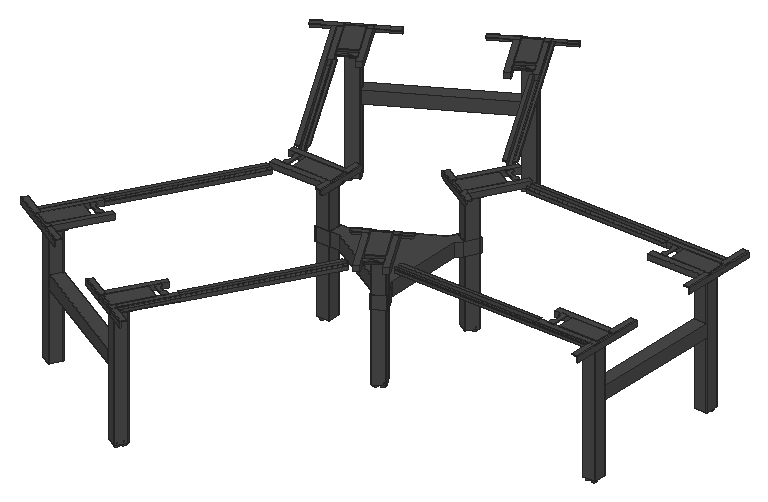
Revit family "Support-Teknion-HWBFYT_hiSpace_120_Frame-R2020", category Furniture, Revit 2020
Family settings
  OmniClass Number = 23.40.20.00
  OmniClass Title = General Furniture and Specialties
  Work Plane-Based = No
  Always vertical = Yes
  Cut with Voids When Loaded = No
  Shared = Yes
  Room Calculation Point = No
Parameters (values of type "Fixed Height (29"), No Switch")
  Width [instance] = 58.000"
  Warranty = "http://www.teknion.com/ca/papers/legal-canada"
  Unit Weight URL = "http://www.teknion.com/ca/tools/assets#&asset=bee6a381-b954-425e-8283-5a2de3a804f2,f828d448-4b62-4231-9e5f-9a8991c0ed77"
  URL = "www.teknion.com"
  Toggle/Switch Distance [instance] = if(Depth = 48.000", if([Display with Up/Down Memory], 2.796", 2.346"), if([Display with Up/Down Memory], 6.820", 6.380"))  # 6.380"
  Toggle Display with Memory = no
  To render please download texture images found here [instance] = "https://assets.teknion.com/web/5e81352c1dfdb467/revit-material-swatches/"
  Switch Option = ""
  Sustainability Data = "https://www.teknion.com/ca/tools/assets#&topic=216f99a5-57a0-44fc-b10a-9dee9b29ae4c&asset=444deb64-fe58-4b68-981e-f75e97781df7,b4ff2d81-9f2e-437d-9659-7cffb09c31cf"
  Series = "Height-Adjustable Bench hiSpace"  # constant formula
  Product Page URL = "https://www.teknion.com/ca/products/product-details?productLineId=e4ad706f-8e7a-673b-a6c8-ff05004460c4"
  Product Line = "hiSpace 120 Bench"  # constant formula
  Product Documentation Link = "https://www.teknion.com/pricing/habh/pdfs/HWBFYT_ppg.pdf"
  Part Number = "HWBFYT"  # constant formula
  None = yes
  Model = "HWBFYT2F____N"
  Manufacturer Phone = "416-661-3370"  # constant formula
  Manufacturer Fax = "416.661.4586"  # constant formula
  Manufacturer Contact Information = "http://www.teknion.com/ca/contactus"
  Manufacturer Address = "1150 Flint Road, Toronto, ON. M3J 2J5. Canada"  # constant formula
  Manufacturer = "Teknion"  # constant formula
  How To Use Teknion Materials User Guide [instance] = "https://assets.teknion.com/m/205dd0a49fa58060/original/How-to-add-a-Material-Library-and-Texture-Images-to-your-Revit-project.pdf"
  Height [instance] = 29.000"
  Frame Finish [instance] = Paint - Teknion - 52 - Ebony
  For Additional Finishes please visit [instance] = "https://assets.teknion.com/m/44a8009b046e5d47/original/Teknion_Materials_Library.zip"
  Fixed Height (29") = yes
  Extended Electric - Extended (22.6"-48.7") = no
  Electrical = or([Display with Up/Down Memory], Toggle Display with Memory)  # no
  Distance for Electrical [instance] = if(Width = 46.000", 3.668", if(Width = 52.000", 6.668", if(Width = 58.000", 9.668", 3.668")))  # 9.668"
  Display with Up/Down Memory = no
  Description = "hiSpace 120 Frame - Fixed Height (29\") Base Mechanism, No Switch"
  Depth [instance] = 60.000"
  Default Elevation = 0.000"
  Base Mechanism Option = ""
  Available Width [instance] = "46, 52 & 58 Inches"  # constant formula
  Available Height [instance] = if([Fixed Height (29")], "29 inches only", "22.6-48.7 inches")  # "29 inches only"
  Available Depth [instance] = "48 & 60 Inches"  # constant formula
  Assembly Code = "E2020200"
  Acutal Height [instance] = Height - 1.000"  # 28.000"
  Actual Width [instance] = Width - 15.091"  # 42.909"
  Actual Depth [instance] = if(Depth = 48.000", 41.811", if(Depth = 60.000", 45.748", 41.811"))  # 45.748"
Reference planes (in)
  plane 1 "Center Front/Back": y = 0
  plane 2: z = 0
  plane 3 "Center 1": through (-9.55681, 16.55289, 0) normal (0.866, 0.5, 0)
  plane 4 "Center 2": through (15.68835, 27.17303, 48) normal (0.866, -0.5, 0)
  plane 5 "Right": x = 58.03399
  plane 6: through (-61.44613, 31.53594, 48) normal (-0.5, 0.866, 0)
  plane 7: through (-61.44613, -31.53594, 48) normal (0.5, 0.866, 0)
  plane 8 "Top": z = 28
  plane 9: y = -22.874
  plane 10: y = -29.254
  plane 11: y = 22.874
  plane 12: through (-48.82668, 38.8223, 48) normal (0.866, 0.5, 0)
  plane 13: through (-9.20775, 61.6963, 48) normal (0.866, 0.5, 0)
  plane 14: through (-3.68266, 64.88623, 48) normal (0.866, 0.5, 0)
  plane 15: through (-48.82669, -38.8223, 48) normal (-0.866, 0.5, 0)
  plane 16: through (-9.20776, -61.6963, 48) normal (-0.866, 0.5, 0)
  plane 17: through (-54.35179, -35.6324, 48) normal (-0.866, 0.5, 0)
  plane 18: x = 15.12499
  plane 19: through (-28.08875, 1.24779, 48) normal (-0.5, 0.866, 0)
  plane 20: through (-28.08875, -1.24779, 48) normal (0.5, 0.866, 0)
  plane 21: y = -15.63975
  plane 22: y = 15.63975
  plane 23: through (-14.35298, -56.13959, 48) normal (-0.866, 0.5, 0)
  plane 24: through (-41.44182, -40.49984, 48) normal (-0.866, 0.5, 0)
  plane 25: through (-41.44182, 40.49984, 48) normal (0.866, 0.5, 0)
  plane 26: through (-14.35298, 56.13959, 48) normal (0.866, 0.5, 0)
  plane 27: z = 19.15
  plane 28: z = 25.75591
  plane 29: z = 22.45295
Forms (in)
  Sweep 1, solid, material "Paint - Teknion - 52 - Ebony" <- "Frame Finish"
    path origin (0, 0, 0) x (1, 0, 0) y (0, 0, 1)
      loop
        line (15.12499, 0.3938) -> (15.12499, 0)
    profile origin (15.12499, 0, 0.1969) x (0, -1, 0) y (1, 0, 0)
      loop
        circle (12.92669, -8.4005) r 0.492
      loop
        circle (12.28692, -7.2924) r 0.49212
      loop
        circle (-12.92669, -8.4005) r 0.492
      loop
        circle (-12.28692, -7.2924) r 0.49212
      loop
        circle (-0.63976, -29.68208) r 0.49212
      loop
        circle (0.63976, -29.68208) r 0.49212
      loop
        circle (55.0311, -28.83799) r 0.49212
      loop
        circle (56.1392, -29.47775) r 0.49212
      loop
        circle (39.39135, -55.92682) r 0.49212
      loop
        circle (40.49945, -56.56659) r 0.49212
      loop
        circle (-15.63975, 39.38984) r 0.49212
      loop
        circle (-15.63975, 40.66936) r 0.49212
      loop
        circle (15.63975, 39.38984) r 0.49212
      loop
        circle (15.63975, 40.66936) r 0.49212
      loop
        circle (-40.49946, -56.56659) r 0.49212
      loop
        circle (-39.39135, -55.92682) r 0.49212
      loop
        circle (-56.1392, -29.47775) r 0.49212
      loop
        circle (-55.0311, -28.83799) r 0.49212
  Sweep 2, solid, material "Paint - Teknion - 52 - Ebony" <- "Frame Finish"
    path origin (0, 0, 0) x (1, 0, 0) y (0, 0, 1)
      loop
        line (7.83259, 2.51968) -> (7.83259, 0.3938)
    profile origin (7.83259, 0, 1.45674) x (0, -1, 0) y (1, 0, 0)
      loop
        circle (12.28692, 0) r 0.11811
      loop
        circle (12.92669, -1.1081) r 0.11811
      loop
        circle (-12.92669, -1.1081) r 0.11811
      loop
        circle (-12.28692, 0) r 0.11811
      loop
        circle (-0.63976, -22.38968) r 0.11811
      loop
        circle (0.63976, -22.38968) r 0.11811
      loop
        circle (-15.63975, 47.96176) r 0.11811
      loop
        circle (-15.63975, 46.68223) r 0.11811
      loop
        circle (15.63975, 47.96176) r 0.11811
      loop
        circle (15.63975, 46.68223) r 0.11811
      loop
        circle (-40.49946, -49.27419) r 0.11811
      loop
        circle (-39.39135, -48.63443) r 0.11811
      loop
        circle (-56.1392, -22.18535) r 0.11811
      loop
        circle (-55.0311, -21.54559) r 0.11811
      loop
        circle (56.1392, -22.18536) r 0.11811
      loop
        circle (55.0311, -21.54559) r 0.11811
      loop
        circle (40.49945, -49.27419) r 0.11811
      loop
        circle (39.39135, -48.63443) r 0.11811
  Sweep 3, solid, material "Paint - Teknion - 52 - Ebony" <- "Frame Finish", visible <- "Extended Electric - Extended (22.6"-48.7")"
    path origin (0, 0, 0) x (1, 0, 0) y (0, 0, 1)
      loop
        line (15.12499, 19.15) -> (15.12499, 0.60669)
    profile origin (15.12499, 0, 9.87834) x (0, -1, 0) y (1, 0, 0)
      loop
        arc (12.61881, -6.43024) -> (12.53514, -6.36603) -> (12.43058, -6.3798) r 0.1378
        line (12.43058, -6.3798) -> (10.31666, -7.60027)
        arc (10.31666, -7.60027) -> (10.25246, -7.68394) -> (10.26622, -7.7885) r 0.1378
        line (10.26622, -7.7885) -> (11.4867, -9.90242)
        arc (11.4867, -9.90242) -> (11.57037, -9.96663) -> (11.67493, -9.95286) r 0.1378
        line (11.67493, -9.95286) -> (13.78885, -8.73239)
        arc (13.78885, -8.73239) -> (13.85305, -8.64872) -> (13.83929, -8.54416) r 0.1378
        line (13.83929, -8.54416) -> (12.61881, -6.43024)
      loop
        arc (-10.26622, -7.7885) -> (-10.25246, -7.68394) -> (-10.31666, -7.60027) r 0.1378
        line (-10.31666, -7.60027) -> (-12.43058, -6.3798)
        arc (-12.43058, -6.3798) -> (-12.53514, -6.36603) -> (-12.61881, -6.43024) r 0.1378
        line (-12.61881, -6.43024) -> (-13.83929, -8.54416)
        arc (-13.83929, -8.54416) -> (-13.85305, -8.64872) -> (-13.78885, -8.73239) r 0.1378
        line (-13.78885, -8.73239) -> (-11.67493, -9.95286)
        arc (-11.67493, -9.95286) -> (-11.57037, -9.96663) -> (-11.4867, -9.90242) r 0.1378
        line (-11.4867, -9.90242) -> (-10.26622, -7.7885)
      loop
        arc (-1.22047, -27.68405) -> (-1.31791, -27.72441) -> (-1.35827, -27.82184) r 0.1378
        line (-1.35827, -27.82184) -> (-1.35827, -30.26279)
        arc (-1.35827, -30.26279) -> (-1.31791, -30.36022) -> (-1.22047, -30.40058) r 0.1378
        line (-1.22047, -30.40058) -> (1.22047, -30.40058)
        arc (1.22047, -30.40058) -> (1.31791, -30.36022) -> (1.35827, -30.26279) r 0.1378
        line (1.35827, -30.26279) -> (1.35827, -27.82184)
        arc (1.35827, -27.82184) -> (1.31791, -27.72441) -> (1.22047, -27.68405) r 0.1378
        line (1.22047, -27.68405) -> (-1.22047, -27.68405)
      loop
        arc (57.05219, -29.33432) -> (57.06595, -29.22976) -> (57.00175, -29.14609) r 0.1378
        line (57.00175, -29.14609) -> (54.88783, -27.92561)
        arc (54.88783, -27.92561) -> (54.78327, -27.91185) -> (54.6996, -27.97605) r 0.1378
        line (54.6996, -27.97605) -> (53.47913, -30.08997)
        arc (53.47913, -30.08997) -> (53.46536, -30.19453) -> (53.52956, -30.2782) r 0.1378
        line (53.52956, -30.2782) -> (55.64348, -31.49867)
        arc (55.64348, -31.49867) -> (55.74804, -31.51244) -> (55.83171, -31.44824) r 0.1378
        line (55.83171, -31.44824) -> (57.05219, -29.33432)
      loop
        arc (39.88785, -53.90635) -> (39.78329, -53.89258) -> (39.69962, -53.95678) r 0.1378
        line (39.69962, -53.95678) -> (38.47914, -56.0707)
        arc (38.47914, -56.0707) -> (38.46538, -56.17527) -> (38.52958, -56.25894) r 0.1378
        line (38.52958, -56.25894) -> (40.6435, -57.47941)
        arc (40.6435, -57.47941) -> (40.74806, -57.49317) -> (40.83173, -57.42897) r 0.1378
        line (40.83173, -57.42897) -> (42.0522, -55.31505)
        arc (42.0522, -55.31505) -> (42.06597, -55.21049) -> (42.00177, -55.12682) r 0.1378
        line (42.00177, -55.12682) -> (39.88785, -53.90635)
      loop
        arc (13.77951, 41.38832) -> (13.68207, 41.34796) -> (13.64172, 41.25052) r 0.1378
        line (13.64172, 41.25052) -> (13.64172, 38.80958)
        arc (13.64172, 38.80958) -> (13.68207, 38.71214) -> (13.77951, 38.67178) r 0.1378
        line (13.77951, 38.67178) -> (16.22046, 38.67178)
        arc (16.22046, 38.67178) -> (16.31789, 38.71214) -> (16.35825, 38.80958) r 0.1378
        line (16.35825, 38.80958) -> (16.35825, 41.25052)
        arc (16.35825, 41.25052) -> (16.31789, 41.34796) -> (16.22046, 41.38832) r 0.1378
        line (16.22046, 41.38832) -> (13.77951, 41.38832)
      loop
        arc (-13.64172, 41.25052) -> (-13.68207, 41.34796) -> (-13.77951, 41.38832) r 0.1378
        line (-13.77951, 41.38832) -> (-16.22046, 41.38832)
        arc (-16.22046, 41.38832) -> (-16.31789, 41.34796) -> (-16.35825, 41.25052) r 0.1378
        line (-16.35825, 41.25052) -> (-16.35825, 38.80958)
        arc (-16.35825, 38.80958) -> (-16.31789, 38.71214) -> (-16.22046, 38.67178) r 0.1378
        line (-16.22046, 38.67178) -> (-13.77951, 38.67178)
        arc (-13.77951, 38.67178) -> (-13.68207, 38.71214) -> (-13.64172, 38.80958) r 0.1378
        line (-13.64172, 38.80958) -> (-13.64172, 41.25052)
      loop
        arc (-39.69962, -53.95678) -> (-39.78329, -53.89258) -> (-39.88785, -53.90635) r 0.1378
        line (-39.88785, -53.90635) -> (-42.00177, -55.12682)
        arc (-42.00177, -55.12682) -> (-42.06597, -55.21049) -> (-42.0522, -55.31505) r 0.1378
        line (-42.0522, -55.31505) -> (-40.83173, -57.42897)
        arc (-40.83173, -57.42897) -> (-40.74806, -57.49317) -> (-40.6435, -57.47941) r 0.1378
        line (-40.6435, -57.47941) -> (-38.52958, -56.25894)
        arc (-38.52958, -56.25894) -> (-38.46538, -56.17527) -> (-38.47914, -56.0707) r 0.1378
        line (-38.47914, -56.0707) -> (-39.69962, -53.95678)
      loop
        arc (-53.52956, -30.2782) -> (-53.46536, -30.19453) -> (-53.47913, -30.08997) r 0.1378
        line (-53.47913, -30.08997) -> (-54.6996, -27.97605)
        arc (-54.6996, -27.97605) -> (-54.78327, -27.91185) -> (-54.88783, -27.92561) r 0.1378
        line (-54.88783, -27.92561) -> (-57.00175, -29.14609)
        arc (-57.00175, -29.14609) -> (-57.06595, -29.22976) -> (-57.05219, -29.33432) r 0.1378
        line (-57.05219, -29.33432) -> (-55.83171, -31.44824)
        arc (-55.83171, -31.44824) -> (-55.74804, -31.51244) -> (-55.64348, -31.49867) r 0.1378
        line (-55.64348, -31.49867) -> (-53.52956, -30.2782)
  Sweep 4, solid, material "Paint - Teknion - 52 - Ebony" <- "Frame Finish", visible <- "Extended Electric - Extended (22.6"-48.7")"
    path origin (0, 0, 0) x (1, 0, 0) y (0, 0, 1)
      loop
        line (15.12499, 22.45295) -> (15.12499, 19.15)
    profile origin (15.12499, 0, 20.80147) x (0, -1, 0) y (1, 0, 0)
      loop
        arc (54.92146, -28.1587) -> (54.84678, -28.14886) -> (54.78701, -28.19472) r 0.09843
        line (54.78701, -28.19472) -> (53.71418, -30.05293)
        arc (53.71418, -30.05293) -> (53.70435, -30.12761) -> (53.7502, -30.18738) r 0.09843
        line (53.7502, -30.18738) -> (55.60841, -31.26021)
        arc (55.60841, -31.26021) -> (55.6831, -31.27005) -> (55.74286, -31.22419) r 0.09843
        line (55.74286, -31.22419) -> (56.81569, -29.36598)
        arc (56.81569, -29.36598) -> (56.82553, -29.2913) -> (56.77967, -29.23153) r 0.09843
        line (56.77967, -29.23153) -> (54.92146, -28.1587)
      loop
        arc (39.92148, -54.13943) -> (39.84679, -54.1296) -> (39.78703, -54.17546) r 0.09843
        line (39.78703, -54.17546) -> (38.7142, -56.03366)
        arc (38.7142, -56.03366) -> (38.70436, -56.10835) -> (38.75022, -56.16811) r 0.09843
        line (38.75022, -56.16811) -> (40.60843, -57.24095)
        arc (40.60843, -57.24095) -> (40.68311, -57.25078) -> (40.74288, -57.20492) r 0.09843
        line (40.74288, -57.20492) -> (41.81571, -55.34672)
        arc (41.81571, -55.34672) -> (41.82554, -55.27203) -> (41.77969, -55.21226) r 0.09843
        line (41.77969, -55.21226) -> (39.92148, -54.13943)
      loop
        arc (12.53337, -6.65232) -> (12.4736, -6.60646) -> (12.39892, -6.61629) r 0.09843
        line (12.39892, -6.61629) -> (10.54071, -7.68913)
        arc (10.54071, -7.68913) -> (10.49485, -7.74889) -> (10.50469, -7.82358) r 0.09843
        line (10.50469, -7.82358) -> (11.57752, -9.68178)
        arc (11.57752, -9.68178) -> (11.63729, -9.72764) -> (11.71197, -9.71781) r 0.09843
        line (11.71197, -9.71781) -> (13.57018, -8.64497)
        arc (13.57018, -8.64497) -> (13.61603, -8.58521) -> (13.6062, -8.51052) r 0.09843
        line (13.6062, -8.51052) -> (12.53337, -6.65232)
      loop
        arc (1.16929, -27.97145) -> (1.14046, -27.90185) -> (1.07087, -27.87302) r 0.09843
        line (1.07087, -27.87302) -> (-1.0748, -27.87302)
        arc (-1.0748, -27.87302) -> (-1.1444, -27.90185) -> (-1.17323, -27.97145) r 0.09843
        line (-1.17323, -27.97145) -> (-1.17323, -30.11712)
        arc (-1.17323, -30.11712) -> (-1.1444, -30.18671) -> (-1.0748, -30.21554) r 0.09843
        line (-1.0748, -30.21554) -> (1.07087, -30.21554)
        arc (1.07087, -30.21554) -> (1.14046, -30.18671) -> (1.16929, -30.11712) r 0.09843
        line (1.16929, -30.11712) -> (1.16929, -27.97145)
      loop
        arc (-12.39695, -6.61288) -> (-12.47163, -6.60305) -> (-12.5314, -6.64891) r 0.09843
        line (-12.5314, -6.64891) -> (-13.60423, -8.50711)
        arc (-13.60423, -8.50711) -> (-13.61407, -8.5818) -> (-13.56821, -8.64156) r 0.09843
        line (-13.56821, -8.64156) -> (-11.71, -9.7144)
        arc (-11.71, -9.7144) -> (-11.63532, -9.72423) -> (-11.57555, -9.67837) r 0.09843
        line (-11.57555, -9.67837) -> (-10.50272, -7.82017)
        arc (-10.50272, -7.82017) -> (-10.49288, -7.74548) -> (-10.53874, -7.68572) r 0.09843
        line (-10.53874, -7.68572) -> (-12.39695, -6.61288)
      loop
        arc (13.92518, 41.19934) -> (13.85558, 41.17051) -> (13.82675, 41.10091) r 0.09843
        line (13.82675, 41.10091) -> (13.82675, 38.95525)
        arc (13.82675, 38.95525) -> (13.85558, 38.88565) -> (13.92518, 38.85682) r 0.09843
        line (13.92518, 38.85682) -> (16.07085, 38.85682)
        arc (16.07085, 38.85682) -> (16.14045, 38.88565) -> (16.16927, 38.95525) r 0.09843
        line (16.16927, 38.95525) -> (16.16927, 41.10091)
        arc (16.16927, 41.10091) -> (16.14045, 41.17051) -> (16.07085, 41.19934) r 0.09843
        line (16.07085, 41.19934) -> (13.92518, 41.19934)
      loop
        line (-13.92518, 41.20328) -> (-16.07479, 41.20328)
        arc (-16.07479, 41.20328) -> (-16.14438, 41.17445) -> (-16.17321, 41.10485) r 0.09843
        line (-16.17321, 41.10485) -> (-16.17321, 38.95525)
        arc (-16.17321, 38.95525) -> (-16.14438, 38.88565) -> (-16.07479, 38.85682) r 0.09843
        line (-16.07479, 38.85682) -> (-13.92518, 38.85682)
        arc (-13.92518, 38.85682) -> (-13.85558, 38.88565) -> (-13.82675, 38.95525) r 0.09843
        line (-13.82675, 38.95525) -> (-13.82675, 41.10485)
        arc (-13.82675, 41.10485) -> (-13.85558, 41.17445) -> (-13.92518, 41.20328) r 0.09843
      loop
        arc (-39.78506, -54.17887) -> (-39.84483, -54.13301) -> (-39.91951, -54.14284) r 0.09843
        line (-39.91951, -54.14284) -> (-41.77772, -55.21567)
        arc (-41.77772, -55.21567) -> (-41.82358, -55.27544) -> (-41.81374, -55.35013) r 0.09843
        line (-41.81374, -55.35013) -> (-40.74091, -57.20833)
        arc (-40.74091, -57.20833) -> (-40.68114, -57.25419) -> (-40.60646, -57.24436) r 0.09843
        line (-40.60646, -57.24436) -> (-38.74825, -56.17152)
        arc (-38.74825, -56.17152) -> (-38.70239, -56.11176) -> (-38.71223, -56.03707) r 0.09843
        line (-38.71223, -56.03707) -> (-39.78506, -54.17887)
      loop
        arc (-54.78504, -28.19813) -> (-54.84481, -28.15227) -> (-54.9195, -28.16211) r 0.09843
        line (-54.9195, -28.16211) -> (-56.7777, -29.23494)
        arc (-56.7777, -29.23494) -> (-56.82356, -29.29471) -> (-56.81373, -29.36939) r 0.09843
        line (-56.81373, -29.36939) -> (-55.74089, -31.2276)
        arc (-55.74089, -31.2276) -> (-55.68113, -31.27346) -> (-55.60644, -31.26362) r 0.09843
        line (-55.60644, -31.26362) -> (-53.74824, -30.19079)
        arc (-53.74824, -30.19079) -> (-53.70238, -30.13102) -> (-53.71221, -30.05634) r 0.09843
        line (-53.71221, -30.05634) -> (-54.78504, -28.19813)
  Sweep 5, solid, material "Paint - Teknion - 52 - Ebony" <- "Frame Finish", visible <- "Extended Electric - Extended (22.6"-48.7")"
    path origin (0, 0, 0) x (1, 0, 0) y (0, 0, 1)
      loop
        line (15.12499, 25.75591) -> (15.12499, 22.43327)
    profile origin (15.12499, 0, 24.09459) x (0, -1, 0) y (1, 0, 0)
      loop
        arc (54.99063, -28.41684) -> (54.91595, -28.40701) -> (54.85618, -28.45287) r 0.09843
        line (54.85618, -28.45287) -> (53.97036, -29.98717)
        arc (53.97036, -29.98717) -> (53.96052, -30.06185) -> (54.00638, -30.12162) r 0.09843
        line (54.00638, -30.12162) -> (55.54068, -31.00745)
        arc (55.54068, -31.00745) -> (55.61537, -31.01728) -> (55.67513, -30.97142) r 0.09843
        line (55.67513, -30.97142) -> (56.56096, -29.43712)
        arc (56.56096, -29.43712) -> (56.57079, -29.36244) -> (56.52493, -29.30267) r 0.09843
        line (56.52493, -29.30267) -> (54.99063, -28.41684)
      loop
        arc (41.56097, -55.41785) -> (41.57081, -55.34317) -> (41.52495, -55.2834) r 0.09843
        line (41.52495, -55.2834) -> (39.99065, -54.39758)
        arc (39.99065, -54.39758) -> (39.91596, -54.38774) -> (39.8562, -54.4336) r 0.09843
        line (39.8562, -54.4336) -> (38.97037, -55.9679)
        arc (38.97037, -55.9679) -> (38.96054, -56.04259) -> (39.0064, -56.10235) r 0.09843
        line (39.0064, -56.10235) -> (40.5407, -56.98818)
        arc (40.5407, -56.98818) -> (40.61538, -56.99801) -> (40.67515, -56.95215) r 0.09843
        line (40.67515, -56.95215) -> (41.56097, -55.41785)
      loop
        arc (0.98425, -28.15649) -> (0.95542, -28.08689) -> (0.88583, -28.05806) r 0.09843
        line (0.88583, -28.05806) -> (-0.88583, -28.05806)
        arc (-0.88583, -28.05806) -> (-0.95542, -28.08689) -> (-0.98425, -28.15649) r 0.09843
        line (-0.98425, -28.15649) -> (-0.98425, -29.92814)
        arc (-0.98425, -29.92814) -> (-0.95542, -29.99774) -> (-0.88583, -30.02657) r 0.09843
        line (-0.88583, -30.02657) -> (0.88583, -30.02657)
        arc (0.88583, -30.02657) -> (0.95542, -29.99774) -> (0.98425, -29.92814) r 0.09843
        line (0.98425, -29.92814) -> (0.98425, -28.15649)
      loop
        arc (12.46223, -6.90706) -> (12.40246, -6.8612) -> (12.32778, -6.87103) r 0.09843
        line (12.32778, -6.87103) -> (10.79348, -7.75686)
        arc (10.79348, -7.75686) -> (10.74762, -7.81662) -> (10.75745, -7.89131) r 0.09843
        line (10.75745, -7.89131) -> (11.64328, -9.4256)
        arc (11.64328, -9.4256) -> (11.70305, -9.47146) -> (11.77773, -9.46163) r 0.09843
        line (11.77773, -9.46163) -> (13.31203, -8.5758)
        arc (13.31203, -8.5758) -> (13.35789, -8.51604) -> (13.34806, -8.44135) r 0.09843
        line (13.34806, -8.44135) -> (12.46223, -6.90706)
      loop
        arc (-12.32778, -6.87103) -> (-12.40246, -6.8612) -> (-12.46223, -6.90706) r 0.09843
        line (-12.46223, -6.90706) -> (-13.34806, -8.44135)
        arc (-13.34806, -8.44135) -> (-13.35789, -8.51604) -> (-13.31203, -8.5758) r 0.09843
        line (-13.31203, -8.5758) -> (-11.77773, -9.46163)
        arc (-11.77773, -9.46163) -> (-11.70305, -9.47146) -> (-11.64328, -9.4256) r 0.09843
        line (-11.64328, -9.4256) -> (-10.75745, -7.89131)
        arc (-10.75745, -7.89131) -> (-10.74762, -7.81662) -> (-10.79348, -7.75686) r 0.09843
        line (-10.79348, -7.75686) -> (-12.32778, -6.87103)
      loop
        arc (-54.85618, -28.45287) -> (-54.91595, -28.40701) -> (-54.99063, -28.41684) r 0.09843
        line (-54.99063, -28.41684) -> (-56.52493, -29.30267)
        arc (-56.52493, -29.30267) -> (-56.57079, -29.36244) -> (-56.56096, -29.43712) r 0.09843
        line (-56.56096, -29.43712) -> (-55.67513, -30.97142)
        arc (-55.67513, -30.97142) -> (-55.61537, -31.01728) -> (-55.54068, -31.00745) r 0.09843
        line (-55.54068, -31.00745) -> (-54.00638, -30.12162)
        arc (-54.00638, -30.12162) -> (-53.96052, -30.06185) -> (-53.97036, -29.98717) r 0.09843
        line (-53.97036, -29.98717) -> (-54.85618, -28.45287)
      loop
        arc (-40.67515, -56.95215) -> (-40.61538, -56.99801) -> (-40.5407, -56.98818) r 0.09843
        line (-40.5407, -56.98818) -> (-39.0064, -56.10235)
        arc (-39.0064, -56.10235) -> (-38.96054, -56.04259) -> (-38.97037, -55.9679) r 0.09843
        line (-38.97037, -55.9679) -> (-39.8562, -54.4336)
        arc (-39.8562, -54.4336) -> (-39.91596, -54.38774) -> (-39.99065, -54.39758) r 0.09843
        line (-39.99065, -54.39758) -> (-41.52495, -55.2834)
        arc (-41.52495, -55.2834) -> (-41.57081, -55.34317) -> (-41.56097, -55.41785) r 0.09843
        line (-41.56097, -55.41785) -> (-40.67515, -56.95215)
      loop
        arc (-14.01573, 40.91587) -> (-14.04456, 40.98547) -> (-14.11416, 41.0143) r 0.09843
        line (-14.11416, 41.0143) -> (-15.88581, 41.0143)
        arc (-15.88581, 41.0143) -> (-15.95541, 40.98547) -> (-15.98424, 40.91587) r 0.09843
        line (-15.98424, 40.91587) -> (-15.98424, 39.14422)
        arc (-15.98424, 39.14422) -> (-15.95541, 39.07462) -> (-15.88581, 39.0458) r 0.09843
        line (-15.88581, 39.0458) -> (-14.11416, 39.0458)
        arc (-14.11416, 39.0458) -> (-14.04456, 39.07462) -> (-14.01573, 39.14422) r 0.09843
        line (-14.01573, 39.14422) -> (-14.01573, 40.91587)
      loop
        arc (15.98424, 40.91587) -> (15.95541, 40.98547) -> (15.88581, 41.0143) r 0.09843
        line (15.88581, 41.0143) -> (14.11416, 41.0143)
        arc (14.11416, 41.0143) -> (14.04456, 40.98547) -> (14.01573, 40.91587) r 0.09843
        line (14.01573, 40.91587) -> (14.01573, 39.14422)
        arc (14.01573, 39.14422) -> (14.04456, 39.07462) -> (14.11416, 39.0458) r 0.09843
        line (14.11416, 39.0458) -> (15.88581, 39.0458)
        arc (15.88581, 39.0458) -> (15.95541, 39.07462) -> (15.98424, 39.14422) r 0.09843
        line (15.98424, 39.14422) -> (15.98424, 40.91587)
  Sweep 6, solid, material "Paint - Teknion - 52 - Ebony" <- "Frame Finish"
    path origin (0, 0, 0) x (1, 0, 0) y (0, 0, 1)
      loop
        line (15.12499, 26.14961) -> (15.12499, 25.75591)
    profile origin (15.12499, 0, 25.95276) x (0, -1, 0) y (1, 0, 0)
      loop
        line (-37.84169, -56.11181) -> (-39.41649, -53.38418) -> (-42.68966, -55.27394) -> (-41.11486, -58.00158) -> (-37.84169, -56.11181)
      loop
        line (-54.41647, -27.40344) -> (-57.68964, -29.29321) -> (-56.11484, -32.02085) -> (-52.84167, -30.13108) -> (-54.41647, -27.40344)
      loop
        line (-12.90194, -5.85763) -> (-14.47674, -8.58527) -> (-11.20357, -10.47503) -> (-9.62877, -7.74739) -> (-12.90194, -5.85763)
      loop
        line (-1.5748, -27.15255) -> (-1.5748, -30.93208) -> (1.5748, -30.93208) -> (1.5748, -27.15255) -> (-1.5748, -27.15255)
      loop
        line (12.90194, -5.85763) -> (9.62877, -7.74739) -> (11.20357, -10.47503) -> (14.47674, -8.58527) -> (12.90194, -5.85763)
      loop
        line (-16.57479, 41.91981) -> (-16.57479, 38.14028) -> (-13.42518, 38.14028) -> (-13.42518, 41.91981) -> (-16.57479, 41.91981)
      loop
        line (13.42518, 41.91981) -> (13.42518, 38.14028) -> (16.57479, 38.14028) -> (16.57479, 41.91981) -> (13.42518, 41.91981)
      loop
        line (54.41647, -27.40344) -> (52.84167, -30.13108) -> (56.11484, -32.02085) -> (57.68964, -29.29321) -> (54.41647, -27.40344)
      loop
        line (39.41649, -53.38418) -> (37.84169, -56.11181) -> (41.11486, -58.00158) -> (42.68966, -55.27394) -> (39.41649, -53.38418)
  Sweep 7, solid, material "Paint - Teknion - 52 - Ebony" <- "Frame Finish"
    path origin (0, 0, 0) x (1, 0, 0) y (0, 1, 0)
      loop
        line (15.12499, 13.10038) -> (15.12499, 16.89959)
    profile origin (15.12499, 14.99998, 0) x (-1, 0, 0) y (0, 0, 1)
      loop
        line (-42.1955, 28) -> (-42.1954, 26.30708)
        arc (-42.1954, 26.30708) -> (-42.14927, 26.19573) -> (-42.03792, 26.14961) r 0.15748
        line (-42.03792, 26.14961) -> (-34.63908, 26.14961)
        arc (-34.63908, 26.14961) -> (-34.54321, 26.18215) -> (-34.48696, 26.26633) r 0.15748
        line (-34.48696, 26.26633) -> (-34.05736, 27.86964) -> (-34.05736, 28) -> (-42.1955, 28)
  Sweep 8, solid, material "Paint - Teknion - 52 - Ebony" <- "Frame Finish"
    path origin (0, 0, 0) x (1, 0, 0) y (0, 1, 0)
      loop
        line (15.12499, -16.89959) -> (15.12499, -13.10038)
    profile origin (15.12499, -14.99998, 0) x (-1, 0, 0) y (0, 0, 1)
      loop
        line (-42.1954, 28) -> (-42.1954, 26.30709)
        arc (-42.1954, 26.30709) -> (-42.14928, 26.19573) -> (-42.03792, 26.14961) r 0.15748
        line (-42.03792, 26.14961) -> (-34.63908, 26.14961)
        arc (-34.63908, 26.14961) -> (-34.54321, 26.18215) -> (-34.48696, 26.26633) r 0.15748
        line (-34.48696, 26.26633) -> (-34.05736, 27.86964) -> (-34.05736, 28) -> (-42.1954, 28)
  Sweep 9, solid, material "Paint - Teknion - 52 - Ebony" <- "Frame Finish"
    path origin (0, 0, 0) x (1, 0, 0) y (0, 1, 0)
      loop
        line (-9.2076, 12.14882) -> (-5.91739, 14.04843)
    profile origin (-7.5625, 13.09863, 0) x (-0.5, 0.866025, 0) y (0, 0, 1)
      loop
        line (-35.01501, 28) -> (-35.01501, 27.86964) -> (-34.5854, 26.26633)
        arc (-34.5854, 26.26633) -> (-34.52915, 26.18215) -> (-34.43329, 26.14961) r 0.15748
        line (-34.43329, 26.14961) -> (-27.03444, 26.14961)
        arc (-27.03444, 26.14961) -> (-26.92308, 26.19573) -> (-26.87696, 26.30709) r 0.15748
        line (-26.87696, 26.30709) -> (-26.87696, 28) -> (-35.01501, 28)
  Sweep 10, solid, material "Paint - Teknion - 52 - Ebony" <- "Frame Finish"
    path origin (0, 0, 0) x (1, 0, 0) y (0, 1, 0)
      loop
        line (15.12499, 1.89961) -> (15.12499, -1.89961)
    profile origin (15.12499, 0, 0) x (1, 0, 0) y (0, 0, 1)
      loop
        line (-35.01501, 28) -> (-35.01501, 27.86964) -> (-34.5854, 26.26633)
        arc (-34.5854, 26.26633) -> (-34.52915, 26.18215) -> (-34.43329, 26.14961) r 0.15748
        line (-34.43329, 26.14961) -> (-27.03444, 26.14961)
        arc (-27.03444, 26.14961) -> (-26.92308, 26.19573) -> (-26.87696, 26.30709) r 0.15748
        line (-26.87696, 26.30709) -> (-26.87696, 28) -> (-35.01501, 28)
  Sweep 11, solid, material "Paint - Teknion - 52 - Ebony" <- "Frame Finish"
    path origin (0, 0, 0) x (1, 0, 0) y (0, 1, 0)
      loop
        line (-22.19797, 4.64883) -> (-18.90775, 6.54844)
    profile origin (-20.55286, 5.59864, 0) x (-0.5, 0.866025, 0) y (0, 0, 1)
      loop
        line (42.1954, 28) -> (34.05736, 28) -> (34.05736, 27.86964) -> (34.48696, 26.26633)
        arc (34.48696, 26.26633) -> (34.54321, 26.18215) -> (34.63908, 26.14961) r 0.15748
        line (34.63908, 26.14961) -> (42.03792, 26.14961)
        arc (42.03792, 26.14961) -> (42.14928, 26.19573) -> (42.1954, 26.30709) r 0.15748
        line (42.1954, 26.30709) -> (42.1954, 28)
  Sweep 12, solid, material "Paint - Teknion - 52 - Ebony" <- "Frame Finish"
    path origin (0, 0, 0) x (1, 0, 0) y (0, 1, 0)
      loop
        line (3.78276, 19.64881) -> (7.07298, 21.54842)
    profile origin (5.42787, 20.59862, 0) x (-0.5, 0.866025, 0) y (0, 0, 1)
      loop
        line (42.1954, 28) -> (34.05736, 28) -> (34.05736, 27.86964) -> (34.48696, 26.26633)
        arc (34.48696, 26.26633) -> (34.54321, 26.18215) -> (34.63908, 26.14961) r 0.15748
        line (34.63908, 26.14961) -> (42.03792, 26.14961)
        arc (42.03792, 26.14961) -> (42.14928, 26.19573) -> (42.1954, 26.30709) r 0.15748
        line (42.1954, 26.30709) -> (42.1954, 28)
  Sweep 13, solid, material "Paint - Teknion - 52 - Ebony" <- "Frame Finish"
    path origin (0, 0, 0) x (1, 0, 0) y (0, 1, 0)
      loop
        line (-5.91739, -14.04843) -> (-9.2076, -12.14882)
    profile origin (-7.5625, -13.09863, 0) x (-0.5, -0.866025, 0) y (0, 0, 1)
      loop
        line (-35.01501, 28) -> (-35.01501, 27.86964) -> (-34.5854, 26.26633)
        arc (-34.5854, 26.26633) -> (-34.52915, 26.18215) -> (-34.43329, 26.14961) r 0.15748
        line (-34.43329, 26.14961) -> (-27.03444, 26.14961)
        arc (-27.03444, 26.14961) -> (-26.92308, 26.19573) -> (-26.87696, 26.30709) r 0.15748
        line (-26.87696, 26.30709) -> (-26.87696, 28) -> (-35.01501, 28)
  Sweep 14, solid, material "Paint - Teknion - 52 - Ebony" <- "Frame Finish"
    path origin (0, 0, 0) x (1, 0, 0) y (0, 1, 0)
      loop
        line (-14.38152, -58.70871) -> (-17.67174, -56.8091)
    profile origin (-16.02663, -57.7589, 0) x (-0.5, -0.866025, 0) y (0, 0, 1)
      loop
        line (-8.85205, 28) -> (-8.85205, 27.86964) -> (-8.42244, 26.26633)
        arc (-8.42244, 26.26633) -> (-8.36619, 26.18215) -> (-8.27033, 26.14961) r 0.15748
        line (-8.27033, 26.14961) -> (-0.87148, 26.14961)
        arc (-0.87148, 26.14961) -> (-0.76012, 26.19573) -> (-0.714, 26.30709) r 0.15748
        line (-0.714, 26.30709) -> (-0.714, 28) -> (-8.85205, 28)
  Sweep 15, solid, material "Paint - Teknion - 52 - Ebony" <- "Frame Finish"
    path origin (0, 0, 0) x (1, 0, 0) y (0, 1, 0)
      loop
        line (-40.36225, -43.70872) -> (-43.65247, -41.80912)
    profile origin (-42.00736, -42.75892, 0) x (-0.5, -0.866025, 0) y (0, 0, 1)
      loop
        line (-8.85205, 28) -> (-8.85205, 27.86964) -> (-8.42244, 26.26633)
        arc (-8.42244, 26.26633) -> (-8.36619, 26.18215) -> (-8.27033, 26.14961) r 0.15748
        line (-8.27033, 26.14961) -> (-0.87148, 26.14961)
        arc (-0.87148, 26.14961) -> (-0.76012, 26.19573) -> (-0.714, 26.30709) r 0.15748
        line (-0.714, 26.30709) -> (-0.714, 28) -> (-8.85205, 28)
  Sweep 16, solid, material "Paint - Teknion - 52 - Ebony" <- "Frame Finish"
    path origin (0, 0, 0) x (1, 0, 0) y (0, 0, 1)
      loop
        line (15.12499, 27.88189) -> (15.12499, 28)
    profile origin (15.12499, 0, 27.94094) x (-1, 0, 0) y (0, -1, 0)
      loop
        line (27.83368, 48.17349) -> (24.50937, 50.09278) -> (23.91882, 49.06991) -> (24.64926, 48.6482)
        arc (24.64926, 48.6482) -> (25.86641, 48.60465) -> (26.5127, 47.57234) r 1.29921
        line (26.5127, 47.57234) -> (27.24313, 47.15062) -> (27.83368, 48.17349)
      loop
        line (53.81442, 33.1735) -> (50.49011, 35.09279) -> (49.89956, 34.06993) -> (50.62999, 33.64821)
        arc (50.62999, 33.64821) -> (51.84715, 33.60467) -> (52.49343, 32.57236) r 1.29921
        line (52.49343, 32.57236) -> (53.22387, 32.15064) -> (53.81442, 33.1735)
      loop
        line (-32.94882, -13.08069) -> (-32.94882, -16.91927) -> (-31.76772, -16.91927) -> (-31.76772, -16.07584)
        arc (-31.76772, -16.07584) -> (-32.33858, -14.99998) -> (-31.76772, -13.92413) r 1.29921
        line (-31.76772, -13.92413) -> (-31.76772, -13.08069) -> (-32.94882, -13.08069)
      loop
        line (-32.94882, 16.91931) -> (-32.94882, 13.08073) -> (-31.76771, 13.08073) -> (-31.76771, 13.92416)
        arc (-31.76771, 13.92416) -> (-32.33858, 15.00002) -> (-31.76771, 16.07587) r 1.29921
        line (-31.76771, 16.07587) -> (-31.76771, 16.91931) -> (-32.94882, 16.91931)
      loop
        line (50.49011, -35.0928) -> (53.81442, -33.1735) -> (53.22387, -32.15064) -> (52.49343, -32.57236)
        arc (52.49343, -32.57236) -> (51.84714, -33.60467) -> (50.62999, -33.64821) r 1.29921
        line (50.62999, -33.64821) -> (49.89956, -34.06993) -> (50.49011, -35.0928)
      loop
        line (24.50937, -50.09278) -> (27.83368, -48.17349) -> (27.24313, -47.15062) -> (26.5127, -47.57234)
        arc (26.5127, -47.57234) -> (25.86641, -48.60465) -> (24.64926, -48.6482) r 1.29921
        line (24.64926, -48.6482) -> (23.91882, -49.06991) -> (24.50937, -50.09278)
      loop
        line (36.12354, 1.91929) -> (36.12354, -1.91929) -> (37.30465, -1.91929) -> (37.30465, -1.07586)
        arc (37.30465, -1.07586) -> (36.73378, 0) -> (37.30465, 1.07586) r 1.29921
        line (37.30465, 1.07586) -> (37.30465, 1.91929) -> (36.12354, 1.91929)
      loop
        line (2.96356, 17.22563) -> (6.28787, 19.14493) -> (5.69732, 20.16779) -> (4.96688, 19.74607)
        arc (4.96688, 19.74607) -> (4.3206, 18.71376) -> (3.10345, 18.67022) r 1.29921
        line (3.10345, 18.67022) -> (2.37301, 18.2485) -> (2.96356, 17.22563)
      loop
        line (6.28787, -19.14493) -> (2.96356, -17.22563) -> (2.37301, -18.2485) -> (3.10345, -18.67022)
        arc (3.10345, -18.67022) -> (4.3206, -18.71376) -> (4.96688, -19.74607) r 1.29921
        line (4.96688, -19.74607) -> (5.69732, -20.16779) -> (6.28787, -19.14493)
  Sweep 17, solid, material "Paint - Teknion - 52 - Ebony" <- "Frame Finish"
    path origin (0, 0, 0) x (1, 0, 0) y (0, 1, 0)
      loop
        line (-28.95817, 50.15701) -> (-22.65895, 39.24646)
    profile origin (-25.80856, 44.70174, 0) x (0.866025, 0.5, 0) y (0, 0, 1)
      loop
        line (-16.91927, 27.98031) -> (-18.10825, 27.98031) -> (-18.10825, 26.79134) -> (-16.91927, 26.79134) -> (-16.91927, 27.98031)
      loop
        line (-11.89172, 27.98031) -> (-13.08069, 27.98031) -> (-13.08069, 26.79134) -> (-11.89172, 26.79134) -> (-11.89172, 27.98031)
      loop
        line (13.08069, 27.98032) -> (11.89172, 27.98032) -> (11.89172, 26.79134) -> (13.08069, 26.79134) -> (13.08069, 27.98032)
      loop
        line (18.10825, 27.98032) -> (16.91927, 27.98032) -> (16.91927, 26.79134) -> (18.10825, 26.79134) -> (18.10825, 27.98032)
  Sweep 18, solid, material "Paint - Teknion - 52 - Ebony" <- "Frame Finish"
    path origin (0, 0, 0) x (1, 0, 0) y (0, 1, 0)
      loop
        line (57.91633, 0) -> (45.3179, 0)
    profile origin (51.61712, 0, 0) x (0, -1, 0) y (0, 0, 1)
      loop
        line (13.08069, 27.98031) -> (11.89172, 27.98031) -> (11.89172, 26.79134) -> (13.08069, 26.79134) -> (13.08069, 27.98031)
      loop
        line (18.10825, 27.98031) -> (16.91927, 27.98031) -> (16.91927, 26.79134) -> (18.10825, 26.79134) -> (18.10825, 27.98031)
      loop
        line (-11.89172, 27.98032) -> (-13.08069, 27.98032) -> (-13.08069, 26.79134) -> (-11.89172, 26.79134) -> (-11.89172, 27.98032)
      loop
        line (-16.91927, 27.98032) -> (-18.10825, 27.98032) -> (-18.10825, 26.79134) -> (-16.91927, 26.79134) -> (-16.91927, 27.98032)
  Sweep 19, solid, material "Paint - Teknion - 52 - Ebony" <- "Frame Finish"
    path origin (0, 0, 0) x (1, 0, 0) y (0, 1, 0)
      loop
        line (-23.75446, 0) -> (-11.15603, 0)
    profile origin (-17.45525, 0, 0) x (0, 1, 0) y (0, 0, 1)
      loop
        line (1.91929, 27.98032) -> (1.91929, 26.79134) -> (3.10827, 26.79134) -> (3.10827, 27.98032) -> (1.91929, 27.98032)
      loop
        line (-3.10827, 27.98032) -> (-3.10827, 26.79134) -> (-1.91929, 26.79134) -> (-1.91929, 27.98032) -> (-3.10827, 27.98032)
  Sweep 20, solid, material "Paint - Teknion - 52 - Ebony" <- "Frame Finish"
    path origin (0, 0, 0) x (1, 0, 0) y (0, 1, 0)
      loop
        line (11.87723, 20.57196) -> (5.57802, 9.66141)
    profile origin (8.72762, 15.11669, 0) x (0.866025, -0.5, 0) y (0, 0, 1)
      loop
        line (-3.10827, 27.98032) -> (-3.10827, 26.79134) -> (-1.91929, 26.79134) -> (-1.91929, 27.98032) -> (-3.10827, 27.98032)
      loop
        line (1.91929, 27.98032) -> (1.91929, 26.79134) -> (3.10827, 26.79134) -> (3.10827, 27.98032) -> (1.91929, 27.98032)
  Sweep 21, solid, material "Paint - Teknion - 52 - Ebony" <- "Frame Finish"
    path origin (0, 0, 0) x (1, 0, 0) y (0, 1, 0)
      loop
        line (5.57802, -9.66141) -> (11.87723, -20.57196)
    profile origin (8.72762, -15.11669, 0) x (0.866025, 0.5, 0) y (0, 0, 1)
      loop
        line (3.10827, 27.98032) -> (1.91929, 27.98032) -> (1.91929, 26.79134) -> (3.10827, 26.79134) -> (3.10827, 27.98032)
      loop
        line (-1.91929, 27.98032) -> (-3.10827, 27.98032) -> (-3.10827, 26.79134) -> (-1.91929, 26.79134) -> (-1.91929, 27.98032)
  Sweep 22, solid, material "Paint - Teknion - 52 - Ebony" <- "Frame Finish"
    path origin (0, 0, 0) x (1, 0, 0) y (0, 1, 0)
      loop
        line (-2.78913, 15.85453) -> (-12.33586, 10.34272)
    profile origin (-7.5625, 13.09863, 0) x (0.5, -0.866025, 0) y (0, 0, 1)
      loop
        line (27.44244, 28) -> (26.32039, 28)
        arc (26.32039, 28) -> (26.20904, 27.95388) -> (26.16291, 27.84252) r 0.15748
        line (26.16291, 27.84252) -> (26.16291, 26.77953) -> (26.28102, 26.77953) -> (26.28102, 27.88189) -> (27.44244, 27.88189) -> (27.44244, 28)
  Sweep 23, solid, material "Paint - Teknion - 52 - Ebony" <- "Frame Finish"
    path origin (0, 0, 0) x (1, 0, 0) y (0, 1, 0)
      loop
        line (-12.33586, -10.34272) -> (-2.78913, -15.85453)
    profile origin (-7.5625, -13.09863, 0) x (0.5, 0.866025, 0) y (0, 0, 1)
      loop
        line (27.44244, 28) -> (26.32039, 28)
        arc (26.32039, 28) -> (26.20904, 27.95388) -> (26.16291, 27.84252) r 0.15748
        line (26.16291, 27.84252) -> (26.16291, 26.77953) -> (26.28102, 26.77953) -> (26.28102, 27.88189) -> (27.44244, 27.88189) -> (27.44244, 28)
  Sweep 24, solid, material "Paint - Teknion - 52 - Ebony" <- "Frame Finish"
    path origin (0, 0, 0) x (1, 0, 0) y (0, 1, 0)
      loop
        line (15.12499, -5.51181) -> (15.12499, 5.51181)
    profile origin (15.12499, 0, 0) x (-1, 0, 0) y (0, 0, 1)
      loop
        line (27.44244, 28) -> (26.32039, 28)
        arc (26.32039, 28) -> (26.20904, 27.95388) -> (26.16291, 27.84252) r 0.15748
        line (26.16291, 27.84252) -> (26.16291, 26.77953) -> (26.28102, 26.77953) -> (26.28102, 27.88189) -> (27.44244, 27.88189) -> (27.44244, 28)
  Sweep 25, void
    path origin (0, 0, 0) x (1, 0, 0) y (0, 0, 1)
      loop
        line (15.12499, 28) -> (15.12499, 25.5)
    profile origin (15.12499, 0, 26.75) x (0, -1, 0) y (1, 0, 0)
      loop
        line (-1.92913, -26.77315) -> (-1.92913, -27.40307)
        arc (-1.92913, -27.40307) -> (-1.94067, -27.43091) -> (-1.9685, -27.44244) r 0.03937
        line (-1.9685, -27.44244) -> (1.9685, -27.44244)
        arc (1.9685, -27.44244) -> (1.94067, -27.43091) -> (1.92913, -27.40307) r 0.03937
        line (1.92913, -27.40307) -> (1.92913, -26.77315) -> (-1.92913, -26.77315)
      loop
        line (5.51181, -27.44244) -> (5.51181, -27.04874)
        arc (5.51181, -27.04874) -> (5.3965, -27.32713) -> (5.11811, -27.44244) r 0.3937
        line (5.11811, -27.44244) -> (5.51181, -27.44244)
      loop
        line (-5.51181, -27.44244) -> (-5.11811, -27.44244)
        arc (-5.11811, -27.44244) -> (-5.3965, -27.32713) -> (-5.51181, -27.04874) r 0.3937
        line (-5.51181, -27.04874) -> (-5.51181, -27.44244)
      loop
        line (11.05217, -10.97159) -> (11.5977, -10.65663)
        arc (11.5977, -10.65663) -> (11.62757, -10.6527) -> (11.65148, -10.67104) r 0.03937
        line (11.65148, -10.67104) -> (9.68297, -7.26149)
        arc (9.68297, -7.26149) -> (9.68691, -7.29137) -> (9.66856, -7.31527) r 0.03937
        line (9.66856, -7.31527) -> (9.12303, -7.63023) -> (11.05217, -10.97159)
      loop
        line (7.91132, -4.1929) -> (7.57036, -4.38975)
        arc (7.57036, -4.38975) -> (7.86911, -4.35042) -> (8.10817, -4.53385) r 0.3937
        line (8.10817, -4.53385) -> (7.91132, -4.1929)
      loop
        line (13.42313, -13.73963) -> (13.22628, -13.39868)
        arc (13.22628, -13.39868) -> (13.26561, -13.69743) -> (13.08218, -13.93648) r 0.3937
        line (13.08218, -13.93648) -> (13.42313, -13.73963)
      loop
        line (-9.12303, -7.63023) -> (-9.66856, -7.31527)
        arc (-9.66856, -7.31527) -> (-9.68691, -7.29137) -> (-9.68297, -7.26149) r 0.03937
        line (-9.68297, -7.26149) -> (-11.65148, -10.67104)
        arc (-11.65148, -10.67104) -> (-11.62757, -10.6527) -> (-11.5977, -10.65663) r 0.03937
        line (-11.5977, -10.65663) -> (-11.05217, -10.97159) -> (-9.12303, -7.63023)
      loop
        line (-13.42313, -13.73963) -> (-13.08218, -13.93648)
        arc (-13.08218, -13.93648) -> (-13.26561, -13.69743) -> (-13.22628, -13.39868) r 0.3937
        line (-13.22628, -13.39868) -> (-13.42313, -13.73963)
      loop
        line (-7.91132, -4.1929) -> (-8.10817, -4.53385)
        arc (-8.10817, -4.53385) -> (-7.86911, -4.35042) -> (-7.57036, -4.38975) r 0.3937
        line (-7.57036, -4.38975) -> (-7.91132, -4.1929)
  Sweep 26, solid, material "Paint - Teknion - 52 - Ebony" <- "Frame Finish"
    path origin (0, 0, 0) x (1, 0, 0) y (0, 1, 0)
      loop
        line (-17.20292, -57.07977) -> (-40.83107, -43.43805)
    profile origin (-29.017, -50.25891, 0) x (-0.5, -0.866025, 0) y (0, 0, 1)
      loop
        line (-1.52068, 17.70709) -> (-4.23722, 17.70709) -> (-4.23722, 14.99055) -> (-1.52068, 14.99055) -> (-1.52068, 17.70709)
  Sweep 27, solid, material "Paint - Teknion - 52 - Ebony" <- "Frame Finish"
    path origin (0, 0, 0) x (1, 0, 0) y (0, 1, 0)
      loop
        line (58.03399, -13.64172) -> (58.03399, 13.64172)
    profile origin (58.03399, 0, 0) x (-1, 0, 0) y (0, 0, 1)
      loop
        line (4.23722, 17.70709) -> (1.52068, 17.70709) -> (1.52068, 14.99055) -> (4.23722, 14.99055) -> (4.23722, 17.70709)
  Sweep 28, solid, material "Paint - Teknion - 52 - Ebony" <- "Frame Finish"
    path origin (0, 0, 0) x (1, 0, 0) y (0, 1, 0)
      loop
        line (-40.83107, 43.43805) -> (-17.20292, 57.07977)
    profile origin (-29.017, 50.25891, 0) x (-0.5, 0.866025, 0) y (0, 0, 1)
      loop
        line (-1.52068, 17.70709) -> (-4.23722, 17.70709) -> (-4.23722, 14.99055) -> (-1.52068, 14.99055) -> (-1.52068, 17.70709)
  Sweep 29, void
    path origin (0, 0, 0) x (1, 0, 0) y (0, 1, 0)
      loop
        line (6.9375, 12.01611) -> (4.4375, 7.68598)
    profile origin (5.6875, 9.85105, 0) x (0.866025, -0.5, 0) y (0, 0, 1)
      loop
        line (5.51181, 26.77953) -> (5.51181, 27.56693)
        arc (5.51181, 27.56693) -> (5.28119, 27.01015) -> (4.72441, 26.77953) r 0.7874
        line (4.72441, 26.77953) -> (5.51181, 26.77953)
      loop
        line (-5.51181, 27.56693) -> (-5.51181, 26.77953) -> (-4.72441, 26.77953)
        arc (-4.72441, 26.77953) -> (-5.28119, 27.01015) -> (-5.51181, 27.56693) r 0.7874
  Sweep 30, void
    path origin (0, 0, 0) x (1, 0, 0) y (0, 1, 0)
      loop
        line (-9.90157, 0) -> (-14.90157, 0)
    profile origin (-12.40157, 0, 0) x (0, -1, 0) y (0, 0, 1)
      loop
        arc (5.51181, 27.56693) -> (5.28119, 27.01015) -> (4.72441, 26.77953) r 0.7874
        line (4.72441, 26.77953) -> (5.51181, 26.77953) -> (5.51181, 27.56693)
      loop
        line (-5.51181, 26.77953) -> (-4.72441, 26.77953)
        arc (-4.72441, 26.77953) -> (-5.28119, 27.01015) -> (-5.51181, 27.56693) r 0.7874
        line (-5.51181, 27.56693) -> (-5.51181, 26.77953)
  Sweep 31, void
    path origin (0, 0, 0) x (1, 0, 0) y (0, 1, 0)
      loop
        line (4.95079, -8.57502) -> (7.45079, -12.90514)
    profile origin (6.20079, -10.74008, 0) x (0.866025, 0.5, 0) y (0, 0, 1)
      loop
        line (-5.51181, 26.77953) -> (-4.72441, 26.77953)
        arc (-4.72441, 26.77953) -> (-5.28119, 27.01015) -> (-5.51181, 27.56693) r 0.7874
        line (-5.51181, 27.56693) -> (-5.51181, 26.77953)
      loop
        arc (5.51181, 27.56693) -> (5.28119, 27.01015) -> (4.72441, 26.77953) r 0.7874
        line (4.72441, 26.77953) -> (5.51181, 26.77953) -> (5.51181, 27.56693)
  Sweep 32, solid, material "Paint - Teknion - 52 - Ebony" <- "Frame Finish", visible <- "Extended Electric - Extended (22.6"-48.7")"
    path origin (0, 0, 0) x (1, 0, 0) y (0, 1, 0)
      loop
        line (-12.42506, 0) -> (-12.55906, 0)
    profile origin (-12.49206, 0, 0) x (0, -1, 0) y (0, 0, 1)
      loop
        line (-1.33858, 19.26771) -> (-1.33858, 16.11039) -> (-0.625, 16.11039) -> (-0.625, 16.23539) -> (0.625, 16.23539) -> (0.625, 16.11039) -> (1.33858, 16.11039) -> (1.33858, 19.26771) -> (-1.33858, 19.26771)
  Sweep 33, solid, material "Paint - Teknion - 52 - Ebony" <- "Frame Finish", visible <- "Extended Electric - Extended (22.6"-48.7")"
    path origin (0, 0, 0) x (1, 0, 0) y (0, 1, 0)
      loop
        line (6.27953, 10.87646) -> (6.21253, 10.76041)
    profile origin (6.24603, 10.81844, 0) x (0.866025, -0.5, 0) y (0, 0, 1)
      loop
        line (1.33858, 19.26771) -> (-1.33858, 19.26771) -> (-1.33858, 16.11039) -> (-0.625, 16.11039) -> (-0.625, 16.23539) -> (0.625, 16.23539) -> (0.625, 16.11039) -> (1.33858, 16.11039) -> (1.33858, 19.26771)
  Sweep 34, solid, material "Paint - Teknion - 52 - Ebony" <- "Frame Finish", visible <- "Extended Electric - Extended (22.6"-48.7")"
    path origin (0, 0, 0) x (1, 0, 0) y (0, 1, 0)
      loop
        line (6.27953, -10.87646) -> (6.21253, -10.76041)
    profile origin (6.24603, -10.81844, 0) x (-0.866025, -0.5, 0) y (0, 0, 1)
      loop
        line (1.33858, 19.26771) -> (-1.33858, 19.26771) -> (-1.33858, 16.11039) -> (-0.625, 16.11039) -> (-0.625, 16.23539) -> (0.625, 16.23539) -> (0.625, 16.11039) -> (1.33858, 16.11039) -> (1.33858, 19.26771)
  Sweep 35, solid, material "Paint - Teknion - 52 - Ebony" <- "Frame Finish"
    path origin (0, 0, 0) x (1, 0, 0) y (0, 0, 1)
      loop
        line (15.12499, 17.85039) -> (15.12499, 14.97637)
    profile origin (15.12499, 0, 16.41338) x (0, -1, 0) y (1, 0, 0)
      loop
        line (-13.91803, -8.68054) -> (-12.54007, -6.29385) -> (-10.01701, -7.75055) -> (-10.45008, -8.50065) -> (-10.34615, -8.56065) -> (-9.85308, -7.70662) -> (-12.584, -6.12993) -> (-14.08195, -8.72446) -> (-11.35104, -10.30115) -> (-10.85797, -9.44713) -> (-10.96189, -9.38713) -> (-11.39496, -10.13723) -> (-13.91803, -8.68054)
      loop
        line (10.96189, -9.38713) -> (10.85797, -9.44713) -> (11.35104, -10.30115) -> (14.08195, -8.72446) -> (12.584, -6.12993) -> (9.85308, -7.70662) -> (10.34615, -8.56065) -> (10.45008, -8.50065) -> (10.01701, -7.75055) -> (12.54007, -6.29385) -> (13.91803, -8.68054) -> (11.39496, -10.13723) -> (10.96189, -9.38713)
      loop
        line (-1.37795, -27.4872) -> (-0.51181, -27.4872) -> (-0.51181, -27.3672) -> (-1.49795, -27.3672) -> (-1.49795, -30.52058) -> (1.49795, -30.52058) -> (1.49795, -27.3672) -> (0.51181, -27.3672) -> (0.51181, -27.4872) -> (1.37795, -27.4872) -> (1.37795, -30.40058) -> (-1.37795, -30.40058) -> (-1.37795, -27.4872)
  Sweep 36, solid, material "Paint - Teknion - 52 - Ebony" <- "Frame Finish"
    path origin (0, 0, 0) x (1, 0, 0) y (0, 0, 1)
      loop
        line (15.12499, 17.85039) -> (15.12499, 14.97637)
    profile origin (15.12499, 0, 16.41338) x (0, -1, 0) y (1, 0, 0)
      loop
        line (9.84403, -7.80495) -> (8.36061, -8.66141) -> (-8.36061, -8.66141) -> (-9.84403, -7.80495) -> (-11.26136, -10.25983) -> (-9.77793, -11.11628) -> (-1.41732, -25.59728) -> (-1.41732, -27.3102) -> (1.41732, -27.3102) -> (1.41732, -25.59728) -> (9.77793, -11.11628) -> (11.26136, -10.25983) -> (9.84403, -7.80495)
  Sweep 37, void
    path origin (0, 0, 0) x (1, 0, 0) y (0, 0, 1)
      loop
        line (15.12499, 17.77539) -> (15.12499, 15.05137)
    profile origin (15.12499, 0, 16.41338) x (0, -1, 0) y (1, 0, 0)
      loop
        line (1.38132, -27.3102) -> (1.38132, -25.50964) -> (9.68438, -11.12831) -> (11.24315, -10.22829) -> (9.86183, -7.83577) -> (8.30212, -8.73664) -> (-8.30289, -8.73664) -> (-9.86224, -7.83649) -> (-11.24357, -10.22901) -> (-9.68367, -11.12955) -> (-1.38132, -25.50964) -> (-1.38132, -27.3102) -> (1.38132, -27.3102)
  Sweep 38, void
    path origin (0, 0, 0) x (1, 0, 0) y (0, 0, 1)
      loop
        line (15.12499, 15.52539) -> (15.12499, 14.52539)
    profile origin (15.12499, 0, 15.02539) x (0, -1, 0) y (1, 0, 0)
      loop
        line (-1.08404, -25.40486) -> (-1.38132, -25.5765) -> (-1.38132, -27.3102) -> (1.38132, -27.3102) -> (1.38132, -25.5765) -> (1.08404, -25.40486) -> (1.08404, -23.65486) -> (7.92909, -11.79883) -> (9.44463, -10.92383) -> (9.74192, -11.09546) -> (11.24334, -10.22861) -> (9.86201, -7.83609) -> (8.36058, -8.70294) -> (8.36058, -9.04621) -> (6.84516, -9.92142) -> (-6.84521, -9.92142) -> (-8.36086, -9.04661) -> (-8.36086, -8.70332) -> (-9.86229, -7.83648) -> (-11.24353, -10.22905) -> (-9.74207, -11.09584) -> (-9.4448, -10.9242) -> (-7.92922, -11.79914) -> (-1.08404, -23.65486) -> (-1.08404, -25.40486)
  Sweep 39, solid, material "Plastic - Teknion - E - Ebony", visible <- "Electrical"
    path origin (0, 0, 0) x (1, 0, 0) y (0, 0, 1)
      loop
        line (15.12499, 28) -> (15.12499, 26.50001)
    profile origin (15.12499, 0, 27.25001) x (0, -1, 0) y (1, 0, 0)
      loop
        line (29.62384, -13.40098) -> (27.71439, -16.70824) -> (37.26113, -22.22005) -> (39.17057, -18.91279) -> (29.62384, -13.40098)
      loop
        line (-12.49543, 9.668) -> (-12.49543, 20.69162) -> (-16.31433, 20.69162) -> (-16.31433, 9.668) -> (-12.49543, 9.668)
      loop
        line (-15.22364, -38.34285) -> (-24.77038, -43.85466) -> (-22.86093, -47.16192) -> (-13.31419, -41.65011) -> (-15.22364, -38.34285)
  Sweep 40, solid, material "Paint - Teknion - 52 - Ebony" <- "Frame Finish"
    path origin (0, 0, 0) x (1, 0, 0) y (0, 1, 0)
      loop
        line (-48.82646, -38.82191) -> (-35.18827, -46.69593)
    profile origin (-42.00736, -42.75892, 0) x (0.5, 0.866025, 0) y (0, 0, 1)
      loop
        line (1.27926, 28) -> (0.15703, 28)
        arc (0.15703, 28) -> (0.04565, 27.95386) -> (-0.00049, 27.84248) r 0.15752
        line (-0.00049, 27.84248) -> (-0.00049, 26.77953) -> (0.11766, 26.77953) -> (0.11766, 27.88189) -> (1.27926, 27.88189) -> (1.27926, 28)
  Sweep 41, solid, material "Paint - Teknion - 52 - Ebony" <- "Frame Finish"
    path origin (0, 0, 0) x (1, 0, 0) y (0, 1, 0)
      loop
        line (-22.84573, -53.8219) -> (-9.20753, -61.69591)
    profile origin (-16.02663, -57.7589, 0) x (0.5, 0.866025, 0) y (0, 0, 1)
      loop
        line (1.27912, 28) -> (0.15703, 28)
        arc (0.15703, 28) -> (0.04565, 27.95386) -> (-0.00049, 27.84248) r 0.15752
        line (-0.00049, 27.84248) -> (-0.00049, 26.77953) -> (0.11766, 26.77953) -> (0.11766, 27.88189) -> (1.27912, 27.88189) -> (1.27912, 28)
  Sweep 42, solid, material "Paint - Teknion - 52 - Ebony" <- "Frame Finish"
    path origin (0, 0, 0) x (1, 0, 0) y (0, 1, 0)
      loop
        line (-21.10691, -5.27875) -> (-41.85691, -41.21881)
    profile origin (-31.48191, -23.24878, 0) x (0.866025, -0.5, 0) y (0, 0, 1)
      loop
        line (-3.21851, 28) -> (-3.21851, 27.925) -> (-2.54351, 27.925) -> (-2.54351, 26.8875) -> (-2.46851, 26.8875) -> (-2.46851, 28) -> (-3.21851, 28)
  Sweep 43, solid, material "Paint - Teknion - 52 - Ebony" <- "Frame Finish"
    path origin (0, 0, 0) x (1, 0, 0) y (0, 1, 0)
      loop
        line (-9.01808, -46.89926) -> (5.98192, -20.9185)
    profile origin (-1.51808, -33.90888, 0) x (-0.866025, 0.5, 0) y (0, 0, 1)
      loop
        line (-1.49351, 28) -> (-1.49351, 26.8875) -> (-2.54351, 26.8875) -> (-2.54351, 26.8125) -> (-1.41851, 26.8125) -> (-1.41851, 27.925) -> (-0.74351, 27.925) -> (-0.74351, 28) -> (-1.49351, 28)
  Sweep 44, solid, material "Paint - Teknion - 52 - Ebony" <- "Frame Finish"
    path origin (0, 0, 0) x (1, 0, 0) y (0, 1, 0)
      loop
        line (-36.20337, -31.42658) -> (-42.50258, -42.33714)
    profile origin (-39.35298, -36.88186, 0) x (0.866025, -0.5, 0) y (0, 0, 1)
      loop
        line (2.55905, 27.98031) -> (2.55905, 26.79134) -> (3.74803, 26.79134) -> (3.74803, 27.98031) -> (2.55905, 27.98031)
      loop
        line (-2.46851, 27.98031) -> (-2.46851, 26.79134) -> (-1.27953, 26.79134) -> (-1.27953, 27.98031) -> (-2.46851, 27.98031)
  Sweep 45, solid, material "Paint - Teknion - 52 - Ebony" <- "Frame Finish"
    path origin (0, 0, 0) x (1, 0, 0) y (0, 1, 0)
      loop
        line (-15.41375, -57.97689) -> (-9.11453, -47.06633)
    profile origin (-12.26414, -52.52161, 0) x (-0.866025, 0.5, 0) y (0, 0, 1)
      loop
        line (3.74803, 27.98031) -> (2.55905, 27.98031) -> (2.55905, 26.79134) -> (3.74803, 26.79134) -> (3.74803, 27.98031)
      loop
        line (-1.27953, 27.98031) -> (-2.46851, 27.98031) -> (-2.46851, 26.79134) -> (-1.27953, 26.79134) -> (-1.27953, 27.98031)
  Sweep 46, solid, material "Paint - Teknion - 52 - Ebony" <- "Frame Finish"
    path origin (0, 0, 0) x (1, 0, 0) y (0, 1, 0)
      loop
        line (5.98192, -20.9185) -> (-14.76808, -56.85855)
    profile origin (-4.39308, -38.88853, 0) x (0.866025, -0.5, 0) y (0, 0, 1)
      loop
        line (2.46851, 28) -> (2.46851, 26.8875) -> (2.54351, 26.8875) -> (2.54351, 27.925) -> (3.21851, 27.925) -> (3.21851, 28) -> (2.46851, 28)
  Sweep 47, solid, material "Paint - Teknion - 52 - Ebony" <- "Frame Finish"
    path origin (0, 0, 0) x (1, 0, 0) y (0, 1, 0)
      loop
        line (-21.10691, -5.27875) -> (-36.10691, -31.25952)
    profile origin (-28.60691, -18.26913, 0) x (0.866025, -0.5, 0) y (0, 0, 1)
      loop
        line (-1.49351, 28) -> (-1.49351, 26.8875) -> (-2.54351, 26.8875) -> (-2.54351, 26.8125) -> (-1.41851, 26.8125) -> (-1.41851, 27.925) -> (-0.74351, 27.925) -> (-0.74351, 28) -> (-1.49351, 28)
  Sweep 48, solid, material "Paint - Teknion - 52 - Ebony" <- "Frame Finish"
    path origin (0, 0, 0) x (1, 0, 0) y (0, 1, 0)
      loop
        line (58.03399, -22.874) -> (58.03399, -7.12597)
